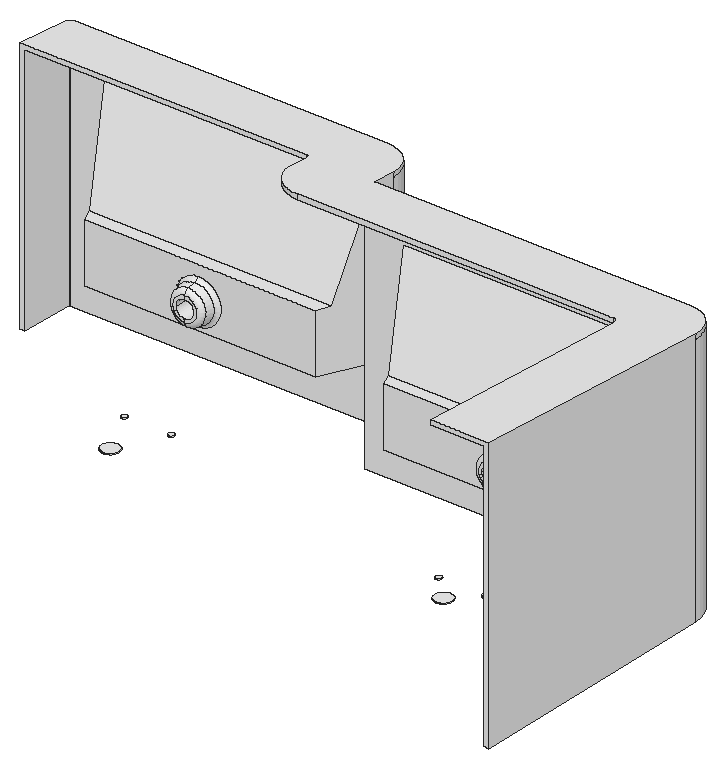
Revit family "Plumbing-Sink-Sloan-Valve-ELWF-82000", category Plumbing Fixtures, host Face, Revit 2019
Family settings
  Host = Face
  Round Connector Dimension = Use Diameter
  Part Type = Normal
  OmniClass Number = 23.45.05.14.14
  OmniClass Title = Sinks/Lavatories
  Cut with Voids When Loaded = No
  Shared = No
  Room Calculation Point = No
Parameters (values of type "ELWF-82000")
  Width = 60.00"  # constant formula
  Water Flow = 0.0 GPM
  Waste Connection = yes
  WFU = 2
  Vent Connection = no
  Valve Pressure Drop = 0.0 Pa
  URL = "www.sloanvalve.com"
  Sanitary Drain Connection Diameter = 1.50"
  Product data url = "https://bimobject.com/sloan_valve/product/sinks_sloanstone_elwf-82000"
  Product Material = Sloan - SloanStone - White (WH)
  Product Guid = ""
  Part Number = ""
  Model = "ELWF-82000"
  Manufacturer = "Sloan Valve"  # constant formula
  Keynote = "10000"
  Hot Water Connection Diameter = 0.50"
  Height = 29.69"  # constant formula
  HWFU = 1.5
  HW Connection = yes
  z_Elevation [instance] = 20.00"  # constant formula
  Edition number = 1
  Description = "SloanStone® 2-Station Wall-Mounted Waterfall Sink."
  Depth = 22.00"  # constant formula
  Default Elevation = 0.00"  # constant formula
  Cold Water Connection Diameter = 0.50"
  CWFU = 1.5
  CW Connection = yes
  Assembly Code = "D2010400"
  ADA Compliant = 1 = 1  # yes
Reference planes
  plane 1 "Center (Front/Back)": y = 0
  plane 2: z = 0
  plane 3 "Center (Left/Right)": x = 0
  plane 4: y = -355.6
  plane 5: y = -863.6
  plane 6: z = 53.975
  plane 7: x = -390.128
  plane 8: z = 53.975
  plane 9: x = 371.475
  plane 10: x = -768.495
  plane 11: x = 755.505
  plane 12: z = 598.536
Forms (mm)
  Extrusion 1, solid, not visible
    sketch origin (0, 0, 0) x (1, 0, 0) y (0, 1, 0)
      loop
        circle (371.475, -406.4) r 19.05
      loop
        circle (422.275, -355.6) r 6.35
      loop
        circle (320.675, -355.6) r 6.35
      loop
        circle (-390.525, -355.6) r 19.05
      loop
        circle (-339.725, -254) r 6.35
      loop
        circle (-441.325, -254) r 6.35
    from 0 to 12.947
Dimensions and locks
  plane 4 to plane 1 "Center (Front/Back)" = 14.00"
  "z_Elevation": plane 4 to plane 5
  aligned and locked: plane 2 to host face
  aligned and locked: level to host face
  aligned and locked: nested 1 to plane 2
Automatic sketch dimensions
  host sketch curve to host sketch curve = 96.00"  (x2)
  Extrusion 1 sketch curve to plane 4 = 0.00"
  Extrusion 1 sketch curve to plane 4 = 2.00"
  Extrusion 1 sketch curve to plane 9 = 0.00"
  Extrusion 1 sketch curve to plane 9 = 2.00"
  plane 7 to Extrusion 1 sketch curve = 1.98437"
  Extrusion 1 sketch curve to plane 7 = 0.01562"
  Extrusion 1 sketch curve to plane 7 = 2.01562"
  plane 9 to Extrusion 1 sketch curve = 2.00"
  plane 4 to Extrusion 1 sketch curve = 0.00"
  plane 4 to Extrusion 1 sketch curve = 4.00"
  Extrusion 1 sketch curve to Extrusion 1 sketch curve = 0.00"  (x2)
  radius of Extrusion 1 sketch curve = 0.75"  (x2)
  radius of Extrusion 1 sketch curve = 0.25"  (x4)
Nested families
  nested 1: "Geometry" at (-9.525, -762, 282.579) x (1, 0, 0) z (0, 1, 0), type "Geometry"
Connectors
  piping at (371.475, -406.4, 0), diameter 38.1, driven by "WFU", driven by "Sanitary Drain Connection Diameter"
    settings: on Extrusion 1, index 2, connector inside diameter 24.00", connector length 0.00", flow factor 0, pipe flow 0.0 GPM, pressure drop 0.0 Pa, fitting loss kfactor 0, connector angle 0.00°, fixture units 2, engagement length 0.00", angle of deflection 0.00°, flow configuration 3, flow direction 2, fitting loss method 0, system type 16, joint type 0, gender type 0, connector reference index -1, connector utility 0, adjustable connector no, is connector primary yes, connector description "Sanitary Drain Connection 2"
  piping at (422.275, -355.6, 0), diameter 12.7, driven by "Cold Water Connection Diameter", driven by "Valve Pressure Drop"
    settings: on Extrusion 1, index 3, connector inside diameter 24.00", connector length 0.00", flow factor 0, pipe flow 0.0 GPM, pressure drop 0.0 Pa, fitting loss kfactor 0, connector angle 0.00°, fixture units 1.5, engagement length 0.00", angle of deflection 0.00°, flow configuration 3, flow direction 1, fitting loss method 0, system type 20, joint type 0, gender type 0, connector reference index -1, connector utility 0, adjustable connector no, is connector primary no, connector description "Cold Water Connection 2"
  piping at (320.675, -355.6, 0), diameter 12.7, driven by "Valve Pressure Drop", driven by "Hot Water Connection Diameter"
    settings: on Extrusion 1, index 4, connector inside diameter 24.00", connector length 0.00", flow factor 0, pipe flow 0.0 GPM, pressure drop 0.0 Pa, fitting loss kfactor 0, connector angle 0.00°, fixture units 1.5, engagement length 0.00", angle of deflection 0.00°, flow configuration 3, flow direction 1, fitting loss method 0, system type 19, joint type 0, gender type 0, connector reference index -1, connector utility 0, adjustable connector no, is connector primary no, connector description "Hot Water Connection 2"
  piping at (-441.325, -254, 0), diameter 12.7, driven by "Hot Water Connection Diameter", driven by "Valve Pressure Drop"
    settings: on Extrusion 1, index 5, connector inside diameter 24.00", connector length 0.00", flow factor 0, pipe flow 0.0 GPM, pressure drop 0.0 Pa, fitting loss kfactor 0, connector angle 0.00°, fixture units 1.5, engagement length 0.00", angle of deflection 0.00°, flow configuration 3, flow direction 1, fitting loss method 0, system type 19, joint type 0, gender type 0, connector reference index -1, connector utility 0, adjustable connector no, is connector primary no, connector description "Hot Water Connection 1"
  piping at (-339.725, -254, 0), diameter 12.7, driven by "Cold Water Connection Diameter", driven by "Valve Pressure Drop"
    settings: on Extrusion 1, index 6, connector inside diameter 24.00", connector length 0.00", flow factor 0, pipe flow 0.0 GPM, pressure drop 0.0 Pa, fitting loss kfactor 0, connector angle 0.00°, fixture units 1.5, engagement length 0.00", angle of deflection 0.00°, flow configuration 3, flow direction 1, fitting loss method 0, system type 20, joint type 0, gender type 0, connector reference index -1, connector utility 0, adjustable connector no, is connector primary no, connector description "Cold Water Connection 1"
  piping at (-390.525, -355.6, 0), diameter 38.1, driven by "Sanitary Drain Connection Diameter", driven by "WFU"
    settings: on Extrusion 1, index 7, connector inside diameter 24.00", connector length 0.00", flow factor 0, pipe flow 0.0 GPM, pressure drop 0.0 Pa, fitting loss kfactor 0, connector angle 0.00°, fixture units 2, engagement length 0.00", angle of deflection 0.00°, flow configuration 3, flow direction 2, fitting loss method 0, system type 16, joint type 0, gender type 0, connector reference index -1, connector utility 0, adjustable connector no, is connector primary no, connector description "Sanitary Drain Connection 1"
Definition of nested family "Geometry"
  Parameters (values of type "Geometry")
    URL = ""
    Model = ""
    Manufacturer = ""
    Product Material = none
    Description = ""
    Default Elevation = 0.00"
    Assembly Code = ""
  Reference planes
    plane 1 "Center (Front/Back)": y = 3.179
    plane 2: z = 0
    plane 3 "Center (Left/Right)": x = 0
    plane 4: x = 765.03
    plane 5: y = -276.221
    plane 6: y = 282.579
    plane 7: y = -315.957
    plane 8: x = 638.03
    plane 9: z = 635
    plane 10: x = -758.97
    plane 11: x = -98.425
    plane 12: x = -657.37
    plane 13: x = 101.6
    plane 14: x = 660.4
    plane 15: y = 228.604
    plane 16: x = -381
    plane 17: x = 381
    plane 18: y = 101.388
    plane 19: x = -380.603
    plane 20: x = -1142.715
    plane 21: x = -1904.593
    plane 22: x = -1663.415
    plane 23: x = 330.2
    plane 24: x = 431.8
    plane 25: x = -329.803
    plane 26: x = -431.403
    plane 27: x = -1193.515
    plane 28: x = -1091.915
    plane 29: x = -1853.793
    plane 30: x = -1955.393
    plane 31: z = 381
    plane 32: z = 330.2
    plane 33: z = 762
    plane 34: x = -73.025
    plane 35: x = -682.77
    plane 36: y = 281.785
    plane 37: z = -101.6
  Forms (mm)
    Sweep 1, solid, material <- "Product Material"
      path origin (0, 3.179, 0) x (1, 0, 0) y (0, 0, 1)
        loop
          line (765.03, 0) -> (765.03, 558.8)
          arc (765.03, 558.8) -> (742.711, 612.682) -> (688.83, 635) r 76.2
          line (688.83, 635) -> (9.525, 635) -> (9.525, 685.8)
          arc (9.525, 685.8) -> (-12.793, 739.682) -> (-66.675, 762) r 76.2
          line (-66.675, 762) -> (-739.461, 762)
      profile origin (765.03, 3.179, 279.4) x (-1, 0, 0) y (0, -1, 0)
        loop
          line (12.7, -279.4) -> (12.7, 314.239) -> (0, 314.239) -> (0, -279.4) -> (12.7, -279.4)
    Extrusion 2, solid, material <- "Product Material"
      sketch origin (0, 3.179, 0) x (1, 0, 0) y (0, 0, 1)
        loop
          line (-66.675, 762) -> (-741.069, 762)
          arc (-741.069, 762) -> (-749.074, 758.81) -> (-752.691, 750.99) r 11.639
          line (-752.691, 750.99) -> (-758.875, 635) -> (-139.014, 635)
          arc (-139.014, 635) -> (-134.524, 633.14) -> (-132.664, 628.65) r 6.35
          line (-132.664, 628.65) -> (-132.664, 584.012)
          arc (-132.664, 584.012) -> (-109.663, 531.391) -> (-56.465, 509.758) r 76.225
          line (-56.465, 509.758) -> (625.33, 509.758)
          arc (625.33, 509.758) -> (634.31, 506.038) -> (638.03, 497.058) r 12.7
          line (638.03, 497.058) -> (638.03, 0) -> (765.03, 0) -> (765.03, 558.8)
          arc (765.03, 558.8) -> (742.711, 612.682) -> (688.83, 635) r 76.2
          line (688.83, 635) -> (9.525, 635) -> (9.525, 685.8)
          arc (9.525, 685.8) -> (-12.793, 739.682) -> (-66.675, 762) r 76.2
      from 262.762 to 315.957
    Extrusion 3, void
      sketch origin (0, 0, 0) x (0, 1, 0) y (0, 0, 1)
        loop
          line (-264.243, 763.768) -> (-320.679, 763.768) -> (-320.679, 0) -> (-310.628, 0) -> (-264.243, 763.768)
      from -758.97 to 765.03
    Extrusion 4, void
      sketch origin (0, -584.631, 763.768) x (0, -1, 0) y (0, 0, -1)
        loop
          line (-284.022, 763.768) -> (-340.16, 763.768) -> (-340.16, 12.7) -> (-329.742, 12.7) -> (-284.022, 763.768)
      from -758.97 to 765.03
    Extrusion 5, solid, material <- "Product Material"
      sketch origin (-258.467, 3.179, 0) x (1, 0, 0) y (0, 0, 1)
        loop
          line (-494.224, 750.99) -> (-500.407, 635) -> (-490.933, 635) -> (-484.922, 747.802)
          arc (-484.922, 747.802) -> (-484.43, 748.866) -> (-483.34, 749.3) r 1.584
          line (-483.34, 749.3) -> (-480.994, 749.3) -> (-480.994, 762) -> (-482.602, 762)
          arc (-482.602, 762) -> (-490.607, 758.81) -> (-494.224, 750.99) r 11.639
      from -279.4 to 283.47
    Extrusion 6, solid, material <- "Product Material"
      sketch origin (7.938, 0, 0) x (0, 1, 0) y (0, 0, 1)
        loop
          line (163.483, 761.997) -> (157.113, 761.997) -> (151.446, 651.967) -> (47.395, 651.967) -> (37.095, 677.948) -> (-198.219, 762) -> (-216.886, 762) -> (29.878, 674.421) -> (29.878, 645.617) -> (157.476, 645.617) -> (163.483, 761.997)
      from -665.308 to -106.363
    Extrusion 7, void
      sketch origin (0, 3.179, 0) x (1, 0, 0) y (0, 0, 1)
        loop
          line (-100.214, 751.068) -> (-140.488, 645.617) -> (-98.425, 645.617) -> (-98.425, 751.068) -> (-100.214, 751.068)
      from -279.4 to 319.136
    Extrusion 8, void
      sketch origin (0, 0, 0) x (0, 1, 0) y (0, 0, 1)
        loop
          line (157.113, 762) -> (-198.219, 762) -> (-162.664, 749.3) -> (156.459, 749.3) -> (157.113, 762)
      from -657.37 to -98.425
    Extrusion 9, void
      sketch origin (773.272, -0.666, -126.997) x (0, 1, 0) y (0, 0, 1)
        loop
          line (157.778, 761.997) -> (-197.554, 761.997) -> (-161.998, 749.297) -> (157.124, 749.297) -> (157.778, 761.997)
      from -671.672 to -112.872
    Extrusion 10, void
      sketch origin (0, 0, 0) x (0, 1, 0) y (0, 0, 1)
        loop
          line (29.878, 674.421) -> (-186.084, 751.068) -> (-204.659, 751.068) -> (-204.659, 635) -> (29.878, 635) -> (29.878, 674.421)
      from -672.229 to -81.641
    Extrusion 11, void
      sketch origin (0, 0, 0) x (0, 1, 0) y (0, 0, 1)
        loop
          line (162.919, 751.068) -> (157.255, 641.347) -> (171.957, 641.347) -> (171.957, 751.068) -> (162.919, 751.068)
      from -682.77 to -73.025
    Revolve 12, solid, material <- "Product Material"
      sketch origin (381, 389.297, 1219.2) x (0, 1, 0) y (0, 0, 1)
        loop
          line (-287.908, -734.834) -> (-287.908, -698.808) -> (-336.235, -698.808)
          arc (-336.235, -698.808) -> (-331.021, -702.444) -> (-328.331, -708.203) r 12.25
          line (-328.331, -708.203) -> (-325.302, -725.382)
          arc (-325.302, -725.382) -> (-321.39, -732.158) -> (-314.038, -734.834) r 11.438
          line (-314.038, -734.834) -> (-287.908, -734.834)
        axis (-287.908, -698.808) -> (-287.908, -734.834)
      angle from 0 to 360
    Extrusion 13, void
      sketch origin (0, 0, 0) x (1, 0, 0) y (0, 1, 0)
        loop
          circle (381, 101.388) r 19.05
      from 481.81 to 552.602
    Extrusion 14, void
      sketch origin (0, 0, 0) x (1, 0, 0) y (0, 1, 0)
        loop
          circle (-381, 101.388) r 19.05
      from 595.9 to 698.129
    Revolve 15, solid, material <- "Product Material"
      sketch origin (-381, 237.952, 1219.2) x (0, -1, 0) y (0, 0, 1)
        loop
          line (136.564, -609.608) -> (136.564, -573.583) -> (88.237, -573.583)
          arc (88.237, -573.583) -> (93.451, -577.218) -> (96.141, -582.977) r 12.25
          line (96.141, -582.977) -> (99.17, -600.156)
          arc (99.17, -600.156) -> (103.082, -606.932) -> (110.435, -609.608) r 11.438
          line (110.435, -609.608) -> (136.564, -609.608)
        axis (136.564, -573.583) -> (136.564, -609.608)
      angle from 0 to 360
    Extrusion 16, solid, material <- "Product Material"
      sketch origin (-763.759, 0, 0) x (-1, 0, 0) y (0, 0, -1)
        loop
          line (-150.839, -645.617) -> (-106.389, -761.997) -> (-91.529, -761.997) -> (-135.979, -645.617) -> (-150.839, -645.617)
      from -163.483 to 198.219
    Extrusion 17, solid, material <- "Product Material"
      sketch origin (0.499, 0, 0) x (1, 0, 0) y (0, 0, 1)
        loop
          line (-82.14, 762) -> (-98.924, 762) -> (-143.374, 645.617) -> (-126.59, 645.617) -> (-82.14, 762)
      from -163.575 to 198.219
    Extrusion 18, void
      sketch origin (-755.65, 3.179, 0) x (-1, 0, 0) y (0, 0, -1)
        loop
          line (-87.596, -751.068) -> (-85.807, -751.068) -> (-85.807, -645.617) -> (-127.871, -645.617) -> (-87.596, -751.068)
      from -231.461 to 197.759
    Extrusion 19, solid, material <- "Product Material"
      sketch origin (771.838, 0, -127) x (0, 1, 0) y (0, 0, 1)
        loop
          line (163.483, 761.997) -> (157.113, 761.997) -> (151.446, 651.967) -> (47.395, 651.967) -> (37.095, 677.948) -> (-198.219, 762) -> (-216.886, 762) -> (29.878, 674.421) -> (29.878, 645.617) -> (157.476, 645.617) -> (163.483, 761.997)
      from -665.308 to -106.363
    Extrusion 20, void
      sketch origin (763.901, 3.179, -127) x (1, 0, 0) y (0, 0, 1)
        loop
          line (-100.214, 751.068) -> (-140.488, 645.617) -> (-98.425, 645.617) -> (-98.425, 751.068) -> (-100.214, 751.068)
      from -279.4 to 319.136
    Extrusion 21, void
      sketch origin (763.901, 0, -127) x (0, 1, 0) y (0, 0, 1)
        loop
          line (29.878, 674.421) -> (-186.084, 751.068) -> (-198.219, 751.068) -> (-198.219, 635) -> (29.878, 635) -> (29.878, 674.421)
      from -686.945 to -73.025
    Extrusion 22, void
      sketch origin (763.901, 0, -127) x (0, 1, 0) y (0, 0, 1)
        loop
          line (162.919, 751.068) -> (157.255, 641.347) -> (171.957, 641.347) -> (171.957, 751.068) -> (162.919, 751.068)
      from -682.77 to -73.025
    Extrusion 23, void
      sketch origin (8.251, 3.179, -127) x (-1, 0, 0) y (0, 0, -1)
        loop
          line (-87.596, -751.068) -> (-85.807, -751.068) -> (-85.807, -645.617) -> (-127.871, -645.617) -> (-87.596, -751.068)
      from -231.461 to 197.759
    Extrusion 24, solid, material <- "Product Material"
      sketch origin (759.324, 0, -127) x (1, 0, 0) y (0, 0, 1)
        loop
          line (-82.14, 762) -> (-98.924, 762) -> (-143.374, 645.617) -> (-126.59, 645.617) -> (-82.14, 762)
      from -163.575 to 198.219
    Extrusion 25, solid, material <- "Product Material"
      sketch origin (2.662, 0, -127) x (-1, 0, 0) y (0, 0, -1)
        loop
          line (-74.294, -762) -> (-118.744, -645.617) -> (-143.752, -645.617) -> (-99.302, -762) -> (-74.294, -762)
      from -163.575 to 198.219
    Extrusion 26, solid, material <- "Product Material"
      sketch origin (760.921, 3.179, 0) x (1, 0, 0) y (0, 0, 1)
        loop
          circle (-1192.324, 508) r 6.35
        loop
          circle (-1090.724, 508) r 6.35
        loop
          circle (-1141.524, 406.4) r 19.05
      from -279.4 to -278.606
    Extrusion 27, solid, material <- "Product Material"
      sketch origin (1519.746, 3.179, 0) x (1, 0, 0) y (0, 0, 1)
        loop
          circle (-1189.546, 406.4) r 6.35
        loop
          circle (-1087.946, 406.4) r 6.35
        loop
          circle (-1138.746, 355.6) r 19.05
      from -279.4 to -278.606
  Cuts and joins
    Extrusion 3, Extrusion 8, Extrusion 9 cuts Sweep 1
    Extrusion 3, Extrusion 4, Extrusion 8, Extrusion 9 cuts Extrusion 2
    Extrusion 3, Extrusion 8, Extrusion 9 cuts Extrusion 5
    Extrusion 7, Extrusion 9, Extrusion 14, Extrusion 18 cuts Extrusion 6
    Extrusion 13 cuts Revolve 12
    Extrusion 8, Extrusion 9, Extrusion 14 cuts Revolve 15
    Extrusion 9, Extrusion 10, Extrusion 11 cuts Extrusion 16
    Extrusion 9, Extrusion 10, Extrusion 11 cuts Extrusion 17
    Extrusion 13, Extrusion 20, Extrusion 23 cuts Extrusion 19
    Extrusion 21, Extrusion 22 cuts Extrusion 24
    Extrusion 21, Extrusion 22 cuts Extrusion 25
    joined: Sweep 1, Extrusion 2, Extrusion 5, Extrusion 6, Revolve 12, Revolve 15, Extrusion 16, Extrusion 17, Extrusion 19, Extrusion 24, Extrusion 25
  Lines and regions (mm)
    Masking region 1
      outline origin (0, 0, 0) x (1, 0, 0) y (0, 1, 0)
        loop
          line (-758.875, 282.579) -> (-758.875, -272.064) -> (-138.931, -272.064)
          spline (-138.931, -272.064) -> (-138.11, -272.068) -> (-137.304, -272.078) -> (-136.526, -272.095) -> (-135.791, -272.117) -> (-135.11, -272.145) -> (-134.495, -272.178) -> (-133.956, -272.216) -> (-133.502, -272.258) -> (-133.14, -272.303) -> (-132.878, -272.35) -> (-132.718, -272.399) -> (-132.664, -272.449)
          line (-132.664, -272.449) -> (-132.664, -275.143)
          spline (-132.664, -275.143) -> (-131.835, -275.732) -> (-129.771, -276.311) -> (-126.504, -276.868) -> (-122.09, -277.396) -> (-116.6, -277.886) -> (-110.124, -278.328) -> (-102.769, -278.718) -> (-94.654, -279.046) -> (-85.912, -279.31) -> (-76.687, -279.504) -> (-67.129, -279.624) -> (-57.396, -279.67)
          line (-57.396, -279.67) -> (625.496, -279.67)
          spline (625.496, -279.67) -> (627.139, -279.678) -> (628.751, -279.698) -> (630.305, -279.732) -> (631.776, -279.777) -> (633.138, -279.833) -> (634.369, -279.899) -> (635.447, -279.975) -> (636.355, -280.058) -> (637.078, -280.148) -> (637.603, -280.243) -> (637.922, -280.341) -> (638.03, -280.44)
          line (638.03, -280.44) -> (638.03, -310.628) -> (765.03, -310.628) -> (765.03, 282.579) -> (-758.875, 282.579)
    symbolic lines, detail levels fine
      curve 1: arc (-367.903, 228.604, 0) -> (-380.603, 215.904, 0) -> (-393.303, 228.604, 0) r 12.7
      curve 2: arc (-393.303, 228.604, 0) -> (-380.603, 241.304, 0) -> (-367.903, 228.604, 0) r 12.7
      curve 3: arc (393.7, 228.604, 0) -> (381, 215.904, 0) -> (368.3, 228.604, 0) r 12.7
      curve 4: arc (368.3, 228.604, 0) -> (381, 241.304, 0) -> (393.7, 228.604, 0) r 12.7
      curve 5: arc (400.05, 101.388, 0) -> (381, 82.338, 0) -> (361.95, 101.388, 0) r 19.05
      curve 6: arc (361.95, 101.388, 0) -> (381, 120.438, 0) -> (400.05, 101.388, 0) r 19.05
      curve 7: arc (-361.95, 101.388, 0) -> (-381, 82.338, 0) -> (-400.05, 101.388, 0) r 19.05
      curve 8: arc (-400.05, 101.388, 0) -> (-381, 120.438, 0) -> (-361.95, 101.388, 0) r 19.05
    symbolic lines, detail levels medium+fine
      curve 9: line (-657.37, 157.113, 0) -> (-98.425, 157.113, 0)
      curve 10: line (-657.37, -198.219, 0) -> (-657.37, 157.113, 0)
      curve 11: line (-98.425, -198.219, 0) -> (-657.37, -198.219, 0)
      curve 12: line (-98.425, 157.113, 0) -> (-98.425, -198.219, 0)
      curve 13: line (101.963, 157.113, 0) -> (660.4, 157.113, 0)
      curve 14: line (101.963, -198.219, 0) -> (101.963, 157.113, 0)
      curve 15: line (660.4, -198.219, 0) -> (101.963, -198.219, 0)
      curve 16: line (660.4, 157.113, 0) -> (660.4, -198.219, 0)
      curve 17: line (9.525, 282.579, 0) -> (9.525, -272.064, 0)
      curve 18: line (-625.267, 37.095, 0) -> (-657.37, -198.219, 0)
      curve 19: line (-615.344, 47.395, 0) -> (-625.267, 37.095, 0)
      curve 20: line (-615.344, 151.446, 0) -> (-615.344, 47.395, 0)
      curve 21: line (-140.45, 151.446, 0) -> (-615.344, 151.446, 0)
      curve 22: line (-657.37, 157.113, 0) -> (-615.344, 151.446, 0)
      curve 23: line (-615.344, 47.395, 0) -> (-140.45, 47.395, 0)
      curve 24: line (-625.267, 37.095, 0) -> (-130.527, 37.095, 0)
      curve 25: line (-98.425, -198.219, 0) -> (-130.527, 37.095, 0)
      curve 26: line (-130.527, 37.095, 0) -> (-140.45, 47.395, 0)
      curve 27: line (-140.45, 47.395, 0) -> (-140.45, 151.446, 0)
      curve 28: line (-140.45, 151.446, 0) -> (-98.425, 157.113, 0)
      curve 29: line (101.963, -198.219, 0) -> (134.065, 37.095, 0)
      curve 30: line (628.298, 37.095, 0) -> (134.065, 37.095, 0)
      curve 31: line (143.988, 47.395, 0) -> (618.375, 47.395, 0)
      curve 32: line (143.988, 47.395, 0) -> (143.988, 151.446, 0)
      curve 33: line (134.065, 37.095, 0) -> (143.988, 47.395, 0)
      curve 34: line (143.988, 151.446, 0) -> (101.963, 157.113, 0)
      curve 35: line (143.988, 151.446, 0) -> (618.375, 151.446, 0)
      curve 36: line (618.375, 47.395, 0) -> (628.298, 37.095, 0)
      curve 37: line (660.4, -198.219, 0) -> (628.298, 37.095, 0)
      curve 38: line (618.375, 151.446, 0) -> (618.375, 47.395, 0)
      curve 39: line (618.375, 151.446, 0) -> (660.4, 157.113, 0)
      curve 40: line (9.525, -272.064, 0) -> (689.829, -272.064, 0)
      curve 41: spline (689.829, -272.064, 0) -> (699.692, -272.111, 0) -> (709.37, -272.235, 0) -> (718.702, -272.435, 0) -> (727.53, -272.705, 0) -> (735.705, -273.043, 0) -> (743.09, -273.442, 0) -> (749.561, -273.896, 0) -> (755.008, -274.397, 0) -> (759.341, -274.936, 0) -> (762.486, -275.504, 0) -> (764.391, -276.093, 0) -> (765.022, -276.691, 0)
      curve 42: spline (-65.676, -264.351, 0) -> (-55.813, -264.398, 0) -> (-46.135, -264.522, 0) -> (-36.803, -264.722, 0) -> (-27.975, -264.992, 0) -> (-19.8, -265.33, 0) -> (-12.415, -265.729, 0) -> (-5.944, -266.183, 0) -> (-0.496, -266.684, 0) -> (3.836, -267.223, 0) -> (6.981, -267.791, 0) -> (8.886, -268.38, 0) -> (9.517, -268.978, 0)
      curve 43: line (-741.207, -264.351, 0) -> (-65.676, -264.351, 0)
      curve 44: spline (-752.69, -265.019, 0) -> (-752.522, -264.931, 0) -> (-752.173, -264.846, 0) -> (-751.65, -264.763, 0) -> (-750.96, -264.685, 0) -> (-750.115, -264.613, 0) -> (-749.128, -264.548, 0) -> (-748.013, -264.49, 0) -> (-746.79, -264.442, 0) -> (-745.477, -264.403, 0) -> (-744.094, -264.375, 0) -> (-742.663, -264.357, 0) -> (-741.207, -264.351, 0)
      curve 45: line (-752.69, -265.019, 0) -> (-752.69, 282.488, 0)
      curve 46: line (-758.875, -272.064, 0) -> (-752.691, -265.019, 0)
  Dimensions and locks
    plane 6 to plane 5 = 22.00"
    equal spacing: plane 6, plane 1 "Center (Front/Back)", plane 5
    plane 3 "Center (Left/Right)" to plane 8 to plane 4 = 25.11928" locked, 5.00" locked
    plane 11 to plane 3 "Center (Left/Right)" = 3.875"
    locked: plane 10 to plane 12 at 101.6
    plane 3 "Center (Left/Right)" to plane 13 to plane 14 to plane 4 = 4.00", 22.00" locked, 4.11928" locked
    plane 10 to plane 3 "Center (Left/Right)" = 29.88072"
    plane 6 to plane 7 = 23.56441"
    locked: plane 6 to plane 5 at 558.8
    plane 10 to plane 4 = 60.00"
    plane 13 to plane 17 to plane 14 = 11.00", 11.00"
    plane 12 to plane 19 to plane 11 = 10.89634", 11.10938"
    plane 9 to level = 25.00"
    equal spacing: plane 23, plane 17, plane 24
    locked: plane 23 to plane 17 at 50.8
    equal spacing: plane 26, plane 19, plane 25
    locked: plane 26 to plane 19 at 50.8
    equal spacing: plane 27, plane 20, plane 28
    locked: plane 27 to plane 20 at 50.8
    equal spacing: plane 30, plane 21, plane 29
    locked: plane 30 to plane 21 at 50.8
    plane 32 to level = 13.00"
    locked: plane 31 to level at 381
    locked: plane 33 to level at 762
    plane 12 to plane 11 = 22.00572"
    locked: plane 6 to plane 15 at 53.975
    locked: Sweep 1 sketch curve to Sweep 1 sketch curve at 593.639
    locked: plane 11 to plane 34 at 25.4
    locked: plane 35 to plane 12 at 25.4
    locked: plane 6 to plane 36 at 0.794
    plane 16 to plane 17 = 30.00"
    plane 20 to plane 19 = 30.00439"
    plane 20 to plane 17 = 59.98876"
    plane 20 to plane 16 = 29.98876"
    plane 22 to plane 20 = 20.50"
    plane 21 to plane 20 = 29.99523"
    aligned and locked: Extrusion 2 sketch curve to plane 4
    aligned and locked: plane 4 to Extrusion 3
    aligned and locked: Extrusion 3 to plane 10
    aligned and locked: Extrusion 4 to Extrusion 3
    aligned and locked: Extrusion 6 to plane 11
    aligned and locked: Extrusion 7 sketch curve to Extrusion 6  (x2)
    aligned and locked: plane 7 to Extrusion 7
    aligned and locked: plane 6 to Extrusion 7
    aligned and locked: Extrusion 6 to Extrusion 8  (x2)
    aligned and locked: Extrusion 7 to Extrusion 6
    aligned and locked: plane 33 to Extrusion 2 sketch curve
    aligned and locked: Extrusion 2 to Extrusion 5 sketch curve
    aligned and locked: plane 9 to Sweep 1 sketch curve
    aligned and locked: plane 12 to Extrusion 6
    aligned and locked: Extrusion 10 to Extrusion 17
    aligned and locked: Extrusion 11 to plane 34
    aligned and locked: plane 35 to Extrusion 11
    aligned and locked: plane 6 to Sweep 1 sketch curve
    aligned and locked: plane 6 to Extrusion 5
    aligned and locked: Extrusion 20 sketch curve to Extrusion 19  (x2)
    aligned and locked: Extrusion 20 to Extrusion 19
    aligned and locked: plane 14 to Extrusion 9
    aligned and locked: Extrusion 9 to plane 13
    aligned and locked: Extrusion 22 to Extrusion 21
    aligned and locked: Extrusion 24 to Extrusion 9
    aligned and locked: plane 26 to Extrusion 26 sketch curve
    aligned and locked: plane 25 to Extrusion 26 sketch curve
    aligned and locked: plane 19 to Extrusion 26 sketch curve
    aligned and locked: plane 23 to Extrusion 27 sketch curve
    aligned and locked: plane 24 to Extrusion 27 sketch curve
    aligned and locked: plane 17 to Extrusion 27 sketch curve
    aligned and locked: Extrusion 26 to plane 36
    aligned and locked: plane 6 to Extrusion 26
    aligned and locked: Extrusion 27 to plane 36
    aligned and locked: plane 6 to Extrusion 27
    aligned and locked: curve 9 to cut or joined group 1 (Sweep 1, Extrusion 2, Extrusion 3, Extrusion 4, Extrusion 5, Extrusion 6, Extrusion 7, Extrusion 8, Extrusion 9, Extrusion 10, Extrusion 11, Revolve 12, Extrusion 13, Extrusion 14, Revolve 15, Extrusion 16, Extrusion 17, Extrusion 18, Extrusion 19, Extrusion 20, Extrusion 21, Extrusion 22, Extrusion 23, Extrusion 24, Extrusion 25)
    aligned and locked: curve 10 to cut or joined group 1
    aligned and locked: curve 11 to cut or joined group 1
    aligned and locked: curve 12 to cut or joined group 1
    aligned and locked: curve 13 to cut or joined group 1
    aligned and locked: curve 14 to cut or joined group 1
    aligned and locked: curve 15 to cut or joined group 1
    aligned and locked: curve 16 to cut or joined group 1
    aligned and locked: curve 18 to cut or joined group 1
    aligned and locked: curve 19 to cut or joined group 1
    aligned and locked: curve 20 to cut or joined group 1
    aligned and locked: curve 21 to cut or joined group 1
    aligned and locked: curve 22 to cut or joined group 1
    aligned and locked: curve 23 to cut or joined group 1
    aligned and locked: curve 24 to cut or joined group 1
    aligned and locked: curve 25 to cut or joined group 1
    aligned and locked: curve 26 to cut or joined group 1
    aligned and locked: curve 27 to cut or joined group 1
    aligned and locked: curve 28 to cut or joined group 1
    aligned and locked: curve 29 to cut or joined group 1
    aligned and locked: curve 30 to cut or joined group 1
    aligned and locked: curve 31 to cut or joined group 1
    aligned and locked: curve 32 to cut or joined group 1
    aligned and locked: curve 33 to cut or joined group 1
    aligned and locked: curve 34 to cut or joined group 1
    aligned and locked: curve 35 to cut or joined group 1
    aligned and locked: curve 36 to cut or joined group 1
    aligned and locked: curve 37 to cut or joined group 1
    aligned and locked: curve 38 to cut or joined group 1
    aligned and locked: curve 39 to cut or joined group 1
    aligned and locked: curve 40 to cut or joined group 1
    aligned and locked: curve 43 to cut or joined group 1
    aligned and locked: Masking region 1 sketch curve to cut or joined group 1  (x6)
    aligned and locked: cut or joined group 1 to Masking region 1 sketch curve  (x2)
    aligned and locked: curve 46 to cut or joined group 1
  Automatic sketch dimensions
    Sweep 1 sketch curve to plane 33 = 0.00"
    Sweep 1 sketch curve to plane 4 = 0.00"
    Sweep 1 sketch curve to level = 0.00"
    plane 14 to Sweep 1 sketch curve = 1.11928"
    plane 3 "Center (Left/Right)" to Sweep 1 sketch curve = 0.375"
    Sweep 1 sketch curve to plane 34 = 0.25"
    plane 10 to Sweep 1 sketch curve = 0.76808"
    Sweep 1 sketch curve to profile plane = 0.00"
    Sweep 1 sketch curve to profile plane = 0.50"
    Extrusion 2 sketch curve to plane 9 = 0.00"  (x2)
    plane 8 to Extrusion 2 sketch curve = 0.00"
    Extrusion 2 sketch curve to level = 0.00"
    Extrusion 2 sketch curve to Extrusion 2 sketch curve = 0.50"
    plane 3 "Center (Left/Right)" to Extrusion 2 sketch curve = 0.375"
    Extrusion 2 sketch curve to plane 34 = 0.65199"
    Extrusion 2 sketch curve to plane 34 = 0.25"
    plane 11 to Extrusion 2 sketch curve = 1.34801"
    Extrusion 2 sketch curve to plane 9 = 0.25"
    Extrusion 2 sketch curve to plane 33 = 0.45824"
    plane 10 to Extrusion 2 sketch curve = 0.70477"
    plane 10 to Extrusion 2 sketch curve = 0.24721"
    plane 10 to Extrusion 2 sketch curve = 0.00377"
    plane 14 to Extrusion 2 sketch curve = 1.11928"
    Extrusion 2 sketch curve to Extrusion 2 sketch curve = 2.4308"
    Extrusion 2 sketch curve to Extrusion 2 sketch curve = 1.75738"
    Extrusion 3 sketch curve to level = 0.00"
    plane 7 to Extrusion 3 sketch curve = 0.18589"
    Extrusion 3 sketch curve to plane 7 = 0.20981"
    plane 33 to Extrusion 3 sketch curve = 0.06962"
    plane 5 to Extrusion 3 sketch curve = 0.47157"
    Extrusion 4 sketch curve to level = 0.00"
    Extrusion 4 sketch curve to plane 33 = 0.43038"
    plane 5 to Extrusion 4 sketch curve = 1.25"
    Extrusion 4 sketch curve to Extrusion 4 sketch curve = 0.41016"
    Extrusion 4 sketch curve to plane 7 = 0.60428"
    Extrusion 5 sketch curve to plane 9 = 0.00"
    plane 10 to Extrusion 5 sketch curve = 0.00377"
    plane 10 to Extrusion 5 sketch curve = 0.24721"
    Extrusion 5 sketch curve to Extrusion 5 sketch curve = 0.37301"
    Extrusion 5 sketch curve to Extrusion 5 sketch curve = 0.36621"
    Extrusion 5 sketch curve to Extrusion 5 sketch curve = 0.06227"
    Extrusion 5 sketch curve to Extrusion 5 sketch curve = 0.02908"
    Extrusion 5 sketch curve to Extrusion 5 sketch curve = 0.06331"
    Extrusion 5 sketch curve to plane 33 = 0.56237"
    Extrusion 5 sketch curve to Extrusion 5 sketch curve = 0.00337"
    Extrusion 5 sketch curve to Extrusion 5 sketch curve = 0.04176"
    Extrusion 6 sketch curve to plane 33 = 0.00"
    plane 5 to Extrusion 6 sketch curve = 2.33605"
    Extrusion 6 sketch curve to Extrusion 6 sketch curve = 0.7349"
    Extrusion 6 sketch curve to plane 1 "Center (Front/Back)" = 1.05116"
    Extrusion 6 sketch curve to Extrusion 6 sketch curve = 0.28411"
    Extrusion 6 sketch curve to Extrusion 6 sketch curve = 0.68965"
    plane 9 to Extrusion 6 sketch curve = 0.66801"
    plane 18 to Extrusion 6 sketch curve = 1.97078"
    Extrusion 6 sketch curve to plane 33 = 0.00013"
    plane 18 to Extrusion 6 sketch curve = 2.19387"
    plane 9 to Extrusion 6 sketch curve = 0.41801"
    Extrusion 6 sketch curve to Extrusion 6 sketch curve = 0.23738"
    Extrusion 6 sketch curve to Extrusion 6 sketch curve = 0.25082"
    Extrusion 6 sketch curve to Extrusion 6 sketch curve = 0.88399"
    Extrusion 6 sketch curve to Extrusion 6 sketch curve = 0.13886"
    plane 11 to Extrusion 7 sketch curve = 0.07042"
    plane 11 to Extrusion 7 sketch curve = 1.65604"
    Extrusion 7 sketch curve to plane 33 = 0.43038"
    Extrusion 8 sketch curve to plane 33 = 0.00"
    plane 5 to Extrusion 8 sketch curve = 3.07095"
    Extrusion 8 sketch curve to plane 33 = 0.50"
    Extrusion 8 sketch curve to Extrusion 8 sketch curve = 1.39981"
    plane 18 to Extrusion 8 sketch curve = 2.16813"
    Extrusion 8 sketch curve to Extrusion 8 sketch curve = 0.02575"
    Extrusion 9 sketch curve to plane 9 = 0.00"
    plane 5 to Extrusion 9 sketch curve = 3.07095"
    Extrusion 9 sketch curve to plane 9 = 0.50"
    Extrusion 9 sketch curve to Extrusion 9 sketch curve = 1.39981"
    plane 18 to Extrusion 9 sketch curve = 2.16813"
    Extrusion 9 sketch curve to Extrusion 9 sketch curve = 0.02575"
    Extrusion 10 sketch curve to plane 9 = 0.00"
    Extrusion 10 sketch curve to plane 33 = 0.43038"
    plane 5 to Extrusion 10 sketch curve = 2.8174"
    Extrusion 10 sketch curve to Extrusion 10 sketch curve = 0.7313"
    Extrusion 10 sketch curve to plane 1 "Center (Front/Back)" = 1.05116"
    plane 9 to Extrusion 10 sketch curve = 1.552"
    plane 9 to Extrusion 11 sketch curve = 0.24987"
    plane 18 to Extrusion 11 sketch curve = 2.19948"
    Extrusion 11 sketch curve to plane 33 = 0.43038"
    plane 18 to Extrusion 11 sketch curve = 2.42248"
    Extrusion 11 sketch curve to Extrusion 11 sketch curve = 0.57882"
    Revolve 12 sketch curve to plane 18 = 0.00"  (x2)
    Revolve 12 sketch curve to plane 18 = 1.02871"
    Revolve 12 sketch curve to Revolve 12 sketch curve = 0.44347"
    Revolve 12 sketch curve to Revolve 12 sketch curve = 0.11926"
    Revolve 12 sketch curve to Revolve 12 sketch curve = 0.3112"
    Revolve 12 sketch curve to Revolve 12 sketch curve = 0.16375"
    plane 31 to Revolve 12 sketch curve = 4.06955"
    Revolve 12 sketch curve to Revolve 12 sketch curve = 0.37212"
    Revolve 12 sketch curve to Revolve 12 sketch curve = 0.59259"
    Revolve 12 sketch curve to Revolve 12 sketch curve = 0.08375"
    Revolve 12 sketch curve to Revolve 12 sketch curve = 0.25"
    Revolve 12 sketch curve to Revolve 12 sketch curve = 0.15231"
    Extrusion 13 sketch curve to plane 17 = 0.00"
    Extrusion 13 sketch curve to plane 18 = 0.00"
    Extrusion 14 sketch curve to plane 16 = 0.00"
    Extrusion 14 sketch curve to plane 18 = 0.00"
    Revolve 15 sketch curve to plane 18 = 0.00"  (x2)
    plane 18 to Revolve 15 sketch curve = 1.02871"
    Revolve 15 sketch curve to plane 9 = 0.6282"
    Revolve 15 sketch curve to Revolve 15 sketch curve = 0.44347"
    plane 9 to Revolve 15 sketch curve = 0.04813"
    Revolve 15 sketch curve to Revolve 15 sketch curve = 0.11926"
    Revolve 15 sketch curve to Revolve 15 sketch curve = 0.3112"
    Revolve 15 sketch curve to plane 9 = 0.03562"
    Revolve 15 sketch curve to Revolve 15 sketch curve = 0.16375"
    Revolve 15 sketch curve to plane 9 = 1.00032"
    Revolve 15 sketch curve to Revolve 15 sketch curve = 0.25"
    Revolve 15 sketch curve to Revolve 15 sketch curve = 0.15231"
    Extrusion 16 sketch curve to plane 9 = 0.41801"
    plane 12 to Extrusion 16 sketch curve = 1.75005"
    Extrusion 16 sketch curve to Extrusion 16 sketch curve = 0.58504"
    plane 12 to Extrusion 16 sketch curve = 0.00005"
    plane 33 to Extrusion 16 sketch curve = 0.00013"
    plane 35 to Extrusion 16 sketch curve = 0.41501"
    plane 11 to Extrusion 17 sketch curve = 0.00"
    Extrusion 17 sketch curve to plane 33 = 0.00"
    plane 9 to Extrusion 17 sketch curve = 0.41801"
    plane 11 to Extrusion 17 sketch curve = 1.08923"
    Extrusion 17 sketch curve to Extrusion 17 sketch curve = 0.66077"
    plane 34 to Extrusion 17 sketch curve = 0.33923"
    Extrusion 18 sketch curve to plane 9 = 0.41801"
    plane 12 to Extrusion 18 sketch curve = 1.165"
    Extrusion 18 sketch curve to plane 12 = 0.42062"
    Extrusion 18 sketch curve to plane 12 = 0.49104"
    plane 33 to Extrusion 18 sketch curve = 0.43038"
    Extrusion 19 sketch curve to plane 9 = 0.00"
    plane 5 to Extrusion 19 sketch curve = 2.33605"
    Extrusion 19 sketch curve to Extrusion 19 sketch curve = 0.7349"
    Extrusion 19 sketch curve to plane 1 "Center (Front/Back)" = 1.05116"
    Extrusion 19 sketch curve to Extrusion 19 sketch curve = 0.28411"
    Extrusion 19 sketch curve to Extrusion 19 sketch curve = 0.68965"
    plane 18 to Extrusion 19 sketch curve = 1.97078"
    Extrusion 19 sketch curve to plane 9 = 0.00013"
    plane 18 to Extrusion 19 sketch curve = 2.19387"
    Extrusion 19 sketch curve to Extrusion 19 sketch curve = 0.23738"
    Extrusion 19 sketch curve to Extrusion 19 sketch curve = 0.25082"
    Extrusion 19 sketch curve to plane 9 = 3.30913"
    Extrusion 19 sketch curve to Extrusion 19 sketch curve = 0.13886"
    Extrusion 19 sketch curve to plane 9 = 4.33199"
    Extrusion 19 sketch curve to Extrusion 19 sketch curve = 0.25"
    Extrusion 20 sketch curve to Extrusion 20 sketch curve = 0.07042"
    plane 8 to Extrusion 20 sketch curve = 0.57549"
    Extrusion 20 sketch curve to plane 9 = 0.43038"
    Extrusion 21 sketch curve to plane 9 = 0.43038"
    plane 5 to Extrusion 21 sketch curve = 3.07095"
    Extrusion 21 sketch curve to Extrusion 21 sketch curve = 0.47775"
    Extrusion 21 sketch curve to plane 1 "Center (Front/Back)" = 1.05116"
    Extrusion 21 sketch curve to plane 9 = 3.448"
    Extrusion 21 sketch curve to Extrusion 21 sketch curve = 4.56962"
    plane 18 to Extrusion 22 sketch curve = 2.19948"
    Extrusion 22 sketch curve to plane 9 = 0.43038"
    plane 18 to Extrusion 22 sketch curve = 2.42248"
    Extrusion 22 sketch curve to Extrusion 22 sketch curve = 0.57882"
    Extrusion 22 sketch curve to Extrusion 22 sketch curve = 4.31974"
    Extrusion 23 sketch curve to plane 13 = 1.35911"
    plane 13 to Extrusion 23 sketch curve = 0.22651"
    plane 13 to Extrusion 23 sketch curve = 0.29693"
    plane 9 to Extrusion 23 sketch curve = 4.58199"
    plane 9 to Extrusion 23 sketch curve = 0.43038"
    Extrusion 24 sketch curve to plane 9 = 0.00"
    Extrusion 24 sketch curve to plane 14 = 0.00"
    plane 8 to Extrusion 24 sketch curve = 0.20851"
    Extrusion 24 sketch curve to Extrusion 24 sketch curve = 0.66077"
    plane 14 to Extrusion 24 sketch curve = 0.66077"
    Extrusion 24 sketch curve to plane 9 = 4.58199"
    Extrusion 25 sketch curve to plane 9 = 0.00"
    plane 13 to Extrusion 25 sketch curve = 1.76431"
    plane 13 to Extrusion 25 sketch curve = 0.77974"
    plane 13 to Extrusion 25 sketch curve = 0.01431"
    Extrusion 25 sketch curve to plane 13 = 0.97026"
    Extrusion 25 sketch curve to plane 9 = 4.58199"
    plane 31 to Extrusion 27 sketch curve = 1.00"  (x2)
    curve 7 to plane 18 = 0.00"
    curve 8 to plane 16 = 0.00"
    curve 1 to plane 15 = 0.00"
    curve 1 to plane 19 = 0.00"
    curve 17 to plane 6 = 0.00"
    curve 6 to plane 18 = 0.00"
    curve 4 to plane 15 = 0.00"
    curve 5 to plane 17 = 0.00"
    curve 4 to plane 17 = 0.00"
    plane 10 to curve 43 = 0.69933"
    plane 10 to curve 45 = 0.24725"
    curve 43 to plane 34 = 0.28934"
    plane 3 "Center (Left/Right)" to curve 17 = 0.375"
    plane 14 to curve 40 = 1.15862"
    plane 5 to curve 45 = 0.44102"
    curve 44 to curve 44 = 0.00588"
    curve 44 to curve 44 = 0.00064"
    curve 7 to curve 7 = 0.75"
    plane 19 to curve 1 = 0.50"
    curve 42 to curve 42 = 0.0424"
    curve 42 to curve 17 = 0.0003"
    curve 42 to curve 42 = 0.00"
    curve 6 to plane 17 = 0.75"
    curve 4 to plane 17 = 0.50"
    curve 41 to plane 5 = 0.01832"
    curve 41 to curve 40 = 0.0424"
    curve 41 to plane 4 = 0.0003"
    curve 41 to curve 41 = 0.00"
    curve 17 to curve 42 = 0.12146"
    curve 45 to plane 6 = 0.00357"
    plane 11 to Masking region 1 sketch curve = 1.59473"
    Masking region 1 sketch curve to Masking region 1 sketch curve = 0.00353"
    Masking region 1 sketch curve to Masking region 1 sketch curve = 0.25023"
    plane 5 to Masking region 1 sketch curve = 0.14852"
    plane 5 to Masking region 1 sketch curve = 0.04247"
    Masking region 1 sketch curve to Masking region 1 sketch curve = 0.00"
    Masking region 1 sketch curve to Masking region 1 sketch curve = 0.00066"
    Masking region 1 sketch curve to plane 34 = 0.61531"
    Masking region 1 sketch curve to Masking region 1 sketch curve = 0.03961"
    Masking region 1 sketch curve to Masking region 1 sketch curve = 0.00707"
    plane 8 to Masking region 1 sketch curve = 0.00005"
    Masking region 1 sketch curve to Masking region 1 sketch curve = 0.03033"
    Masking region 1 sketch curve to plane 5 = 0.1661"
    plane 8 to Masking region 1 sketch curve = 0.49344"
    plane 10 to curve 46 = 0.00377"
    curve 46 to curve 44 = 0.00004"
    plane 31 to Extrusion 26 sketch curve = 1.00"
    Extrusion 26 sketch curve to Extrusion 26 sketch curve = 4.00"  (x2)
    Extrusion 27 sketch curve to plane 31 = 1.00"
    radius of Extrusion 13 sketch curve = 0.75"
    radius of Extrusion 14 sketch curve = 0.75"
    radius of Extrusion 26 sketch curve = 0.25"  (x2)
    radius of Extrusion 26 sketch curve = 0.75"
    radius of Extrusion 27 sketch curve = 0.25"  (x2)
    radius of Extrusion 27 sketch curve = 0.75"
